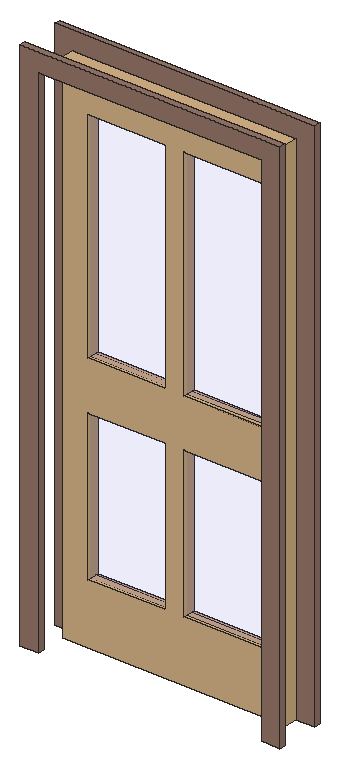
Revit family
Parameters (values of type "0915 x 2134mm")
  Thickness = 51.00 mm
  문 재료 = 문 - 패널
  프레임 재료 = 문 - 프레임
  Height = 2134.00 mm
  난간 폭 - 하단 = 250.00 mm
  난간 폭 - 중심 = 200.00 mm
  난간 폭 - 상단 = 175.00 mm
  선틀 폭 = 100.00 mm
  자르기 투영 외부 = 25.00 mm
  자르기 투영 내부 = 25.00 mm
  자르기 폭 = 76.00 mm
  Wall Closure = (empty or 0)
  Width = 915.00 mm
Types (7, lengths in mm): name | Height | Width
  0915 x 2134mm | 2134.00 | 915.00
  0864 x 2134mm | 2134.00 | 864.00
  0813 x 2134mm | 2134.00 | 813.00
  0762 x 2134mm | 2134.00 | 762.00
  0762 x 2032mm | 2032.00 | 762.00
  0915 x 2032mm | 2032.00 | 915.00
  0864 x 2032mm | 2032.00 | 864.00
Reference planes
  plane 1: y = 0
  plane 2: z = 0
  plane 3: x = 0
  plane 4: x = -457.5
  plane 5: x = 457.5
  plane 6: z = 2134
  plane 7: x = -357.5
  plane 8: x = 357.5
  plane 9: z = 1959
  plane 10: z = 863.6
  plane 11: z = 250
  plane 12: x = -38.1
  plane 13: x = 38.1
  plane 14: z = 1063.6
Forms (mm)
  Extrusion 1, solid, material "문 - 패널" <- "문 재료"
    sketch origin (-0.124, -219.075, 3.25) x (1, 0, 0) y (0, 0, 1)
      loop
        line (-356.827, 1957.345) -> (-356.827, 1061.741) -> (-38.1, 1061.741) -> (-38.1, 1957.345) -> (-356.827, 1957.345)
      loop
        line (38.1, 1957.345) -> (38.1, 1061.741) -> (358.173, 1061.741) -> (358.173, 1957.345) -> (38.1, 1957.345)
      loop
        line (-356.827, 861.945) -> (-356.827, 248.345) -> (-38.1, 248.345) -> (-38.1, 861.945) -> (-356.827, 861.945)
      loop
        line (38.1, 861.741) -> (38.1, 248.345) -> (358.173, 248.345) -> (358.173, 861.741) -> (38.1, 861.741)
      loop
        line (-457.5, 2132.141) -> (-457.5, -1.859) -> (457.5, -1.859) -> (457.5, 2132.141) -> (-457.5, 2132.141)
    from -295.28 to -244.28
  Extrusion 2, solid, material "유리"
    sketch origin (1.317, 76.205, 1.515) x (1, 0, 0) y (0, 0, 1)
      loop
        line (-358.817, 1957.69) -> (-358.817, 1062.085) -> (-39.234, 1062.085) -> (-39.234, 1957.69) -> (-358.817, 1957.69)
      loop
        line (36.11, 1957.69) -> (36.11, 1062.085) -> (356.183, 1062.085) -> (356.183, 1957.69) -> (36.11, 1957.69)
      loop
        line (-358.817, 862.29) -> (-358.817, 248.69) -> (-39.234, 248.69) -> (-39.234, 862.29) -> (-358.817, 862.29)
      loop
        line (36.11, 862.085) -> (36.11, 248.69) -> (356.183, 248.69) -> (356.183, 862.085) -> (36.11, 862.085)
    from 12.7 to 38.1
  Extrusion 3, solid, material "문 - 프레임" <- "프레임 재료"
    sketch origin (-1524, -76.195, 0) x (1, 0, 0) y (0, 0, 1)
      loop
        line (990.5, 2210) -> (990.5, 1.391) -> (1066.376, 1.391) -> (1066.376, 2134) -> (1981.5, 2134) -> (1981.5, 0) -> (2057.5, 0) -> (2057.5, 2210) -> (990.5, 2210)
    from 0 to 25
  Extrusion 4, solid, material "문 - 프레임" <- "프레임 재료"
    sketch origin (-1524, 76.205, 0) x (-1, 0, 0) y (0, 0, 1)
      loop
        line (-2057.5, 2210) -> (-2057.5, 0) -> (-1981.376, 0) -> (-1981.376, 2135.391) -> (-1066.376, 2135.391) -> (-1066.376, 0) -> (-990.5, 0) -> (-990.5, 2210) -> (-2057.5, 2210)
    from 0 to 25
Lines and regions (mm)
  Opening 1
    outline origin (-1524, -76.195, 3657.6) x (0, 0, -1) y (1, 0, 0)
      loop
        line (1523.6, 1066.376) -> (3657.6, 1066.376) -> (3657.6, 1981.376) -> (1523.6, 1981.376) -> (1523.6, 1066.376)
  symbolic lines, style "DoorsPanelProjection"
    curve 1: line (457.5, 76.205, 0) -> (406.5, 76.205, 0)
    curve 2: line (457.5, 76.205, 0) -> (457.5, 991.195, 0)
    curve 3: line (457.5, 991.195, 0) -> (406.5, 991.195, 0)
    curve 4: line (406.5, 76.205, 0) -> (406.5, 991.195, 0)
  model lines, style "DoorsFrameMullionProjection"
    curve 5: line (-533.5, -76.195, 0) -> (-533.5, -76.195, 2210)
    curve 6: line (-533.5, -76.195, 2210) -> (533.5, -76.195, 2210)
    curve 7: line (533.5, -76.195, 2210) -> (533.5, -76.195, 0)
    curve 8: line (533.5, 76.205, 0) -> (533.5, 76.205, 2210)
    curve 9: line (-533.5, 76.205, 2210) -> (533.5, 76.205, 2210)
    curve 10: line (-533.5, 76.205, 2210) -> (-533.5, 76.205, 0)
  symbolic lines, style "평면 스윙"
    curve 11: arc (406.5, 991.195, 0) -> (-208.287, 705.915, 0) -> (-458.91, 76.205, 0) r 916.41
  symbolic lines, style "입면도 스윙"
    curve 12: line (-457.624, 0, 2134) -> (457.376, 0, 1067)
    curve 13: line (457.376, 0, 1067) -> (-457.624, 0, 1.391)
Dimensions and locks
  equal spacing: plane 4, plane 3, plane 5
  "Width": plane 4 to plane 5
  locked: host wall to curve 1
  "Height": plane 6 to plane 2
  "자르기 폭": plane 4 to curve 5
  "자르기 폭": plane 5 to curve 7
  "자르기 폭": plane 6 to curve 6
  locked: curve 9 to host wall
  "Thickness": Extrusion 1 to Extrusion 1  (x2)
  "선틀 폭": plane 4 to plane 7
  plane 13 to plane 12 = 76.20 mm
  "선틀 폭": plane 8 to plane 5
  Extrusion 1 to Extrusion 2 to Extrusion 2 = 12.70 mm, 25.40 mm
  "난간 폭 - 상단": plane 9 to plane 6
  "난간 폭 - 하단": host wall to plane 11
  "난간 폭 - 중심": plane 10 to plane 14
  "Thickness": curve 4 to plane 5
  "자르기 투영 외부": Extrusion 4 to host wall
  "자르기 투영 내부": Extrusion 3 to host wall
  equal spacing: plane 6, curve 13, level
  aligned and locked: plane 2 to curve 5
  aligned and locked: curve 7 to level
  aligned and locked: host wall to Extrusion 1
  aligned and locked: curve 6 to Extrusion 3 sketch curve
  aligned and locked: curve 5 to Extrusion 3 sketch curve
  aligned and locked: Extrusion 3 sketch curve to curve 7
  aligned and locked: Extrusion 4 sketch curve to curve 6
  aligned and locked: Extrusion 4 sketch curve to curve 5
  aligned and locked: Extrusion 4 sketch curve to curve 7
Automatic sketch dimensions
  level to Extrusion 1 sketch curve = 1.391 mm
  Extrusion 1 sketch curve to plane 6 = 1.391 mm
  Extrusion 1 sketch curve to plane 14 = 1.391 mm  (x2)
  Extrusion 1 sketch curve to plane 10 = 1.391 mm
  plane 4 to Extrusion 1 sketch curve = 0.124 mm
  Extrusion 1 sketch curve to plane 7 = 0.549 mm  (x2)
  Extrusion 1 sketch curve to plane 11 = 1.595 mm  (x2)
  Extrusion 1 sketch curve to plane 12 = 0.124 mm  (x2)
  Extrusion 1 sketch curve to plane 13 = 0.124 mm  (x2)
  Extrusion 1 sketch curve to plane 8 = 0.549 mm  (x2)
  plane 5 to Extrusion 1 sketch curve = 0.124 mm
  Extrusion 1 sketch curve to plane 10 = 1.595 mm
  Extrusion 1 sketch curve to plane 9 = 1.595 mm  (x2)
  Extrusion 2 sketch curve to plane 7 = 0.00 mm  (x2)
  Extrusion 2 sketch curve to plane 14 = 0.00 mm  (x2)
  Extrusion 2 sketch curve to plane 10 = 0.00 mm
  Extrusion 2 sketch curve to plane 8 = 0.00 mm  (x2)
  plane 12 to Extrusion 2 sketch curve = 0.183 mm  (x2)
  Extrusion 2 sketch curve to plane 9 = 0.205 mm  (x2)
  Extrusion 2 sketch curve to plane 13 = 0.673 mm  (x2)
  Extrusion 2 sketch curve to plane 11 = 0.205 mm  (x2)
  Extrusion 2 sketch curve to plane 10 = 0.205 mm
  Opening 1 sketch curve to plane 6 = 0.00 mm
  Opening 1 sketch curve to level = 0.00 mm
  plane 4 to Opening 1 sketch curve = 0.124 mm
  plane 5 to Opening 1 sketch curve = 0.124 mm
  Extrusion 3 sketch curve to plane 6 = 0.00 mm
  Extrusion 3 sketch curve to level = 0.00 mm
  Extrusion 3 sketch curve to plane 5 = 0.00 mm
  plane 4 to Extrusion 3 sketch curve = 0.124 mm
  level to Extrusion 3 sketch curve = 1.391 mm
  Extrusion 4 sketch curve to level = 0.00 mm  (x2)
  plane 5 to Extrusion 4 sketch curve = 0.124 mm
  plane 4 to Extrusion 4 sketch curve = 0.124 mm
  Extrusion 4 sketch curve to plane 6 = 1.391 mm
  curve 1 to plane 5 = 0.00 mm
  curve 11 to plane 5 = 0.00 mm
  plane 4 to curve 11 = 1.41 mm
  curve 11 to host wall = 0.00 mm
  curve 12 to plane 6 = 0.00 mm
  curve 8 to level = 0.00 mm
  curve 10 to level = 0.00 mm
  curve 9 to curve 5 = 0.00 mm
  plane 5 to curve 13 = 0.124 mm
  plane 4 to curve 13 = 0.124 mm
  level to curve 13 = 1.391 mm
  curve 10 to curve 5 = 0.00 mm
  plane 4 to curve 12 = 0.124 mm
  curve 8 to curve 6 = 0.00 mm
